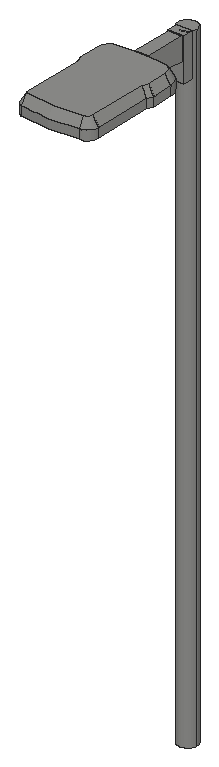
Revit family "VP-2-A_U", category Lighting Fixtures, host Face, Revit 2019
Family settings
  Host = Face
  Round Connector Dimension = Use Diameter
  Part Type = Normal
  OmniClass Number = 23.80.70.11.14.17
  OmniClass Title = Direct/Indirect
  Cut with Voids When Loaded = No
  Light Source = No
  Shared = Yes
  Room Calculation Point = No
Parameters (values of type "VP-2-A3U")
  Wattage Comments = "168 W"  # constant formula
  Warranty = "Five year warranty"  # constant formula
  Voltage = 120 V
  URL = "https://www.currentlighting.com/beacon"
  Type Comments = "Lighting Fixture"  # constant formula
  Product Page URL = "https://www.currentlighting.com/outdoor-lighting/viper-area-size-2/9606404"
  Product Documentation Link = "https://cdn.currentlighting.com/site/specsheet/BEA_VIPERSPEC.pdf"
  Pole Radius [instance] = Pole Diameter / 2  # 1.75"
  Power Factor = 0.9
  Pole Height [instance] = 120.00"
  Name = "Viper Area Size 2"  # constant formula
  Model = "VP-2-A3U"
  Matt Grey = MATT GREY
  Matt Black = Matt Black
  Manufacturer = "Current Lighting"  # constant formula
  Load Classification = Lighting
  Light Output = 12704.00 cd/m²
  Lamp = "LED"  # constant formula
  Grey = Grey
  Glass = Glass
  Pole Diameter [instance] = 3.50"
  Features = "Featuring two different optical technologies, Micro Strike and Strike Optics, which provide the best distribution patterns for retrofit or new construction\r\nVibration rated for high vibration applications including bridges and overpasses\r\nControl options including photo control, occupancy sensing, NX Lighting Controls, wiSCAPE and 7-Pin with networked controls\r\nMounting options include: Arm, Universal Arm, Adjustable Arm, Mast Arm, Decorative Arm, Knuckle, Trunnion, Wall\r\nDistribution options include: Auto Front Row, Type 2, Type 3, Type 4 Forward, Type 4 Wide, Type 5 Narrow, Type 5 Medium, Type 5 Wide, Type 5 Rectangular, Corner Optic, and Tennis Court\r\n\r\n"  # constant formula
  Copyright = "© 2022 Current Lighting"  # constant formula
  Cool Grey = Cool Grey
  Contact Us = "https://www.currentlighting.com/contact-us"
  Certification = "UL"  # constant formula
  Description = "The Viper is an extremely versatile area/site luminaire which blends design, performance, and technology for a variety of applications."  # constant formula
  Default Elevation = 48.00"
  Finish = Arctic White
  Matt White = Matt White
  CRI = "70"  # constant formula
  Brand = "Beacon"  # constant formula
  Assembly Code = "D5020200"
  Apparent Load = 168 VA  # constant formula
Reference planes (in)
  plane 1 "Center (Front/Back)": y = 6.16697
  plane 2: z = 0
  plane 3 "Center (Left/Right)": x = 0
  plane 4: z = 3.75
  plane 5: z = -4.44
  plane 6: x = -1.75
  plane 7: x = 1.75
  plane 8: y = 4.41697
  plane 9: y = 7.91697
  plane 10: z = 120
Forms (in)
  Extrusion 1, solid, material "Cool Grey" <- "Cool Grey"
    sketch origin (0, 0, 0) x (1, 0, 0) y (0, 1, 0)
      loop
        circle (0, 6.16697) r 1.75
    from 0 to 120
Lines and regions (in)
  reference lines
    curve 1: line (0, 14.42606, -3.25) -> (0, 17.42606, -0.25)
    curve 2: line (0, -2.09213, -3.25) -> (0, 14.42606, -3.25)
    curve 3: line (0, -5.09213, -0.25) -> (0, -2.09213, -3.25)
    curve 4: line (0, 14.42606, -3.25) -> (0, 17.42606, -0.25)
    curve 5: line (0, -5.09213, -0.25) -> (0, 17.42606, -0.25)
    curve 6: line (0, 17.17606, -0.77432) -> (0, 17.92606, -0.77432)
    curve 7: line (0, 17.17606, -1.52432) -> (0, 17.17606, -0.77432)
    curve 8: line (0, 16.69614, -1.52432) -> (0, 17.17606, -1.52432)
    curve 9: line (0, 14.92606, -4.25) -> (0, 16.69614, -1.52432)
    curve 10: line (0, -4.3622, -1.52432) -> (0, -2.59213, -4.25)
    curve 11: line (0, -4.84213, -1.52432) -> (0, -4.3622, -1.52432)
    curve 12: line (0, -4.84213, -0.77432) -> (0, -4.84213, -1.52432)
    curve 13: line (0, -5.59213, -0.77432) -> (0, -4.84213, -0.77432)
Dimensions and locks (in)
  plane 4 to plane 2 = 3.75"
  "Pole Diameter": plane 8 to plane 9
  equal spacing: plane 8, plane 1 "Center (Front/Back)", plane 9
  equal spacing: plane 6, plane 3 "Center (Left/Right)", plane 7
  "Pole Diameter": plane 6 to plane 7
  "Pole Height": plane 10 to plane 2
  "Pole Radius": radius of Extrusion 1 sketch curve
  aligned and locked: plane 2 to host face
  aligned and locked: level to host face
  aligned and locked: plane 10 to Extrusion 1
  aligned and locked: plane 3 "Center (Left/Right)" to nested 1
  aligned and locked: nested 1 to plane 10
Automatic sketch dimensions
  host sketch curve to host sketch curve = 96.00"
  host sketch curve to host sketch curve = 85.00"
  curve 3 to level = 0.25"
  plane 8 to curve 3 = 9.50909"
  curve 3 to curve 12 = 0.25"
  curve 11 to curve 11 = 0.47992"
  curve 2 to plane 5 = 1.19"
  curve 10 to curve 2 = 2.27008"
  curve 1 to plane 9 = 6.50909"
  curve 9 to level = 1.52432"
  curve 1 to curve 9 = 2.27008"
  curve 8 to curve 8 = 0.47992"
  curve 6 to curve 4 = 0.25"
  curve 10 to curve 3 = 1.27432"
  curve 7 to curve 1 = 0.52432"
  curve 12 to curve 3 = 0.52432"
  curve 13 to curve 3 = 0.50"
  curve 10 to plane 5 = 0.19"
  curve 10 to curve 2 = 0.50"
  curve 9 to plane 5 = 0.19"
  curve 1 to curve 9 = 0.50"
  curve 1 to curve 6 = 0.50"
  plane 1 "Center (Front/Back)" to Extrusion 1 sketch curve = 0.00"
  Extrusion 1 sketch curve to plane 3 "Center (Left/Right)" = 0.00"
Nested families (in)
  nested 1: "SIZE2-ASQU" at (0, 4.41697, 118.26) x (1, 0, 0) z (0, -1, 0), type "SIZE2-ASQU"
Connectors (in)
  electrical at (0, 6.16697, 0), driven by "Power Factor", driven by "Apparent Load", driven by "Voltage"
    settings: on Extrusion 1, index 1, voltage 120 V, apparent load 168 VA, apparent load phase1 0 VA, apparent load phase2 0 VA, apparent load phase3 0 VA, power factor 0.9, load classification "Other", number of poles 1, system type 30, power factor state 1, is connector primary yes, connector utility no, sub classification motor no, connector description "Light Fixture"
Definition of nested family "SIZE2-ASQU"
  Parameters (values of type "SIZE2-ASQU")
    Width = 14.38"
    Wattage = 168 W
    built-in parameter 1150110 = 1 (stored number, unit not read)
    built-in parameter 1114217 = 1 (stored number, unit not read)
    Tilt Angle = 160.00°
    built-in parameter 1150109 = 1 (stored number, unit not read)
    built-in parameter 1150134 = 3
    built-in parameter 1150113 = 1 (stored number, unit not read)
    Photometric Web File = "VP-2-320L-170-3K7-4-BC.ies"
    Mounting Block Width = 3.00"
    Mount Length = 8.25"
    built-in parameter 1150105 = 1016 (stored number, unit not read)
    Lumens = 12768 lm
    built-in parameter 1150115 = 1 (stored number, unit not read)
    built-in parameter 1150137 = (empty or 0)
    built-in parameter 1150139 = (empty or 0)
    Length = 21.88"
    built-in parameter 1150112 = 1 (stored number, unit not read)
    built-in parameter 1150114 = 1 (stored number, unit not read)
    built-in parameter 1150132 = (empty or 0)
    built-in parameter 1150102 = (empty or 0)
    built-in parameter 1150107 = 3200 (stored number, unit not read)
    built-in parameter 1150138 = (empty or 0)
    built-in parameter 1150106 = 10.16 (stored number, unit not read)
    Glass = none
    Fixture = none
    built-in parameter 1150104 = 7.0606 (stored number, unit not read)
    Dimming Lamp Color Temperature Shift = (empty or 0)
    Default Elevation = 48.00"
    Color Filter = 16777215
    built-in parameter 1114218 = 1 (stored number, unit not read)
    built-in parameter 1150133 = 10 (stored number, unit not read)
  Reference planes (in)
    plane 1 "Center (Front/Back)": y = 0
    plane 2: z = 0
    plane 3 "Center (Left/Right)": x = 0
    plane 4: x = 7.19
    plane 5: x = -7.19
    plane 6: z = 8.25
    plane 7: z = 30.13
    plane 8: y = -1.74
    plane 9: y = 1.74
    plane 10: x = 1.5
    plane 11: x = -1.5
  Forms (in)
    Extrusion 1, solid
      sketch origin (0, 0, 0) x (1, 0, 0) y (0, 1, 0)
        loop
          line (-48, 48) -> (-48, -48) -> (48, -48) -> (48, 48) -> (-48, 48)
      from 0 to -12
    Extrusion 2, solid, material <- "Fixture"
      sketch origin (0, 0, 3.25) x (1, 0, 0) y (0, 0, 1)
        loop
          line (-6.90972, 13.22202) -> (-7.315, 12.17799) -> (-7.315, 8.14521)
          arc (-7.315, 8.14521) -> (-6.65907, 6.18733) -> (-4.95604, 5.01974) r 3.25
          arc (-4.95604, 5.01974) -> (0, 4.60164) -> (4.95604, 5.01974) r 29.58274
          arc (4.95604, 5.01974) -> (6.65907, 6.18733) -> (7.315, 8.14521) r 3.25
          line (7.315, 8.14521) -> (7.315, 12.17799) -> (6.8775, 13.30502) -> (6.8775, 24.46879)
          arc (6.8775, 24.46879) -> (6.31653, 25.85775) -> (4.9483, 26.46754) r 2
          arc (4.9483, 26.46754) -> (-0.47287, 26.80918) -> (-5.88692, 26.36884) r 37.73107
          arc (-5.88692, 26.36884) -> (-6.62058, 25.93919) -> (-6.90972, 25.13966) r 1.25
          line (-6.90972, 25.13966) -> (-6.90972, 13.22202)
      from 0 to 1.74
    Extrusion 3, void
      sketch origin (0, 0, 4.375) x (1, 0, 0) y (0, 0, 1)
        loop
          line (-5.94707, 9.88637) -> (-5.94707, 8.88637)
          arc (-5.94707, 8.88637) -> (-0.00354, 7.88584) -> (5.94, 8.88637) r 18.15382
          line (5.94, 8.88637) -> (5.94, 9.88637)
          arc (5.94, 9.88637) -> (-0.00354, 8.88584) -> (-5.94707, 9.88637) r 18.15382
        loop
          line (-5.85535, 7.87828) -> (-5.85535, 7.60486)
          arc (-5.85535, 7.60486) -> (0.0002, 6.63584) -> (5.85535, 7.60727) r 18.15382
          line (5.85535, 7.60727) -> (5.85535, 7.88068)
          arc (5.85535, 7.88068) -> (0.0002, 6.91466) -> (-5.85535, 7.87828) r 18.25
        loop
          line (-5.85535, 7.12828) -> (-5.85535, 6.85486)
          arc (-5.85535, 6.85486) -> (0.0002, 5.88584) -> (5.85535, 6.85727) r 18.15382
          line (5.85535, 6.85727) -> (5.85535, 7.13068)
          arc (5.85535, 7.13068) -> (0.0002, 6.16466) -> (-5.85535, 7.12828) r 18.25
      from 1 to 1.75
    Blend 4, solid, material <- "Fixture"
      base sketch origin (0, 0, 3.25) x (1, 0, 0) y (0, 0, 1)
        loop
          arc (6.8775, 24.46879) -> (6.31653, 25.85775) -> (4.9483, 26.46754) r 2
          arc (4.9483, 26.46754) -> (-0.47287, 26.80918) -> (-5.88692, 26.36884) r 37.73107
          arc (-5.88692, 26.36884) -> (-6.62058, 25.93919) -> (-6.90972, 25.13966) r 1.25
          line (-6.90972, 25.13966) -> (-6.90972, 13.22202) -> (-7.315, 12.17799) -> (-7.315, 8.14521)
          arc (-7.315, 8.14521) -> (-6.65907, 6.18733) -> (-4.95604, 5.01974) r 3.25
          arc (-4.95604, 5.01974) -> (0, 4.60164) -> (4.95604, 5.01974) r 29.58274
          arc (4.95604, 5.01974) -> (6.65907, 6.18733) -> (7.315, 8.14521) r 3.25
          line (7.315, 8.14521) -> (7.315, 12.17799) -> (6.8775, 13.30502) -> (6.8775, 24.46879)
      top sketch origin (0, 0, 3.25) x (1, 0, 0) y (0, 0, 1)
        loop
          arc (5.8775, 24.46879) -> (5.58249, 25.17801) -> (4.87152, 25.46878) r 1
          arc (4.87152, 25.46878) -> (-0.42416, 25.80959) -> (-5.71369, 25.38377) r 36.73111
          arc (-5.71369, 25.38377) -> (-5.85465, 25.2962) -> (-5.90972, 25.13966) r 0.25
          line (-5.90972, 25.13966) -> (-5.90972, 13.03474) -> (-6.315, 11.99071) -> (-6.315, 8.14521)
          arc (-6.315, 8.14521) -> (-5.87115, 6.80345) -> (-4.71471, 5.99106) r 2.25
          arc (-4.71471, 5.99106) -> (0, 5.59956) -> (4.71471, 5.99106) r 28.58482
          arc (4.71471, 5.99106) -> (5.87115, 6.80345) -> (6.315, 8.14521) r 2.25
          line (6.315, 8.14521) -> (6.315, 11.99071) -> (5.8775, 13.11774) -> (5.8775, 24.46879)
      from 0 to -1.74
    Extrusion 5, void
      sketch origin (0, 0, 3.25) x (1, 0, 0) y (0, 0, 1)
        loop
          arc (-5.91108, 12.63948) -> (0.07704, 12.98149) -> (6.065, 12.63674) r 52.38328
          line (6.065, 12.63674) -> (6.065, 24.56182) -> (-5.91108, 24.56182) -> (-5.91108, 12.63948)
      from 1 to 1.75
    Extrusion 6, solid, material <- "Glass"
      sketch origin (0, 0, 3) x (1, 0, 0) y (0, 0, 1)
        loop
          arc (-5.06487, 24.56182) -> (-5.31236, 24.45931) -> (-5.41487, 24.21182) r 0.35
          line (-5.41487, 24.21182) -> (-5.41487, 19.16182)
          arc (-5.41487, 19.16182) -> (-5.31236, 18.91434) -> (-5.06487, 18.81182) r 0.35
          line (-5.06487, 18.81182) -> (5.11803, 18.81182)
          arc (5.11803, 18.81182) -> (5.36552, 18.91434) -> (5.46803, 19.16182) r 0.35
          line (5.46803, 19.16182) -> (5.46803, 24.21182)
          arc (5.46803, 24.21182) -> (5.36552, 24.45931) -> (5.11803, 24.56182) r 0.35
          line (5.11803, 24.56182) -> (-5.06487, 24.56182)
      from 1 to 1.35
    Extrusion 7, solid, material <- "Glass"
      sketch origin (0, 0, 3) x (1, 0, 0) y (0, 0, 1)
        loop
          circle (-4.85829, 23.73694) r 0.15
        loop
          circle (-4.33955, 23.73694) r 0.15
        loop
          circle (-3.8208, 23.73694) r 0.15
        loop
          circle (-3.30205, 23.73694) r 0.15
        loop
          circle (-2.7833, 23.73694) r 0.15
        loop
          circle (-2.26455, 23.73694) r 0.15
        loop
          circle (-1.7458, 23.73694) r 0.15
        loop
          circle (-1.22705, 23.73694) r 0.15
        loop
          circle (-0.70831, 23.73694) r 0.15
        loop
          circle (-4.85829, 23.23694) r 0.15
        loop
          circle (-4.33955, 23.23694) r 0.15
        loop
          circle (-3.8208, 23.23694) r 0.15
        loop
          circle (-3.30205, 23.23694) r 0.15
        loop
          circle (-2.7833, 23.23694) r 0.15
        loop
          circle (-2.26455, 23.23694) r 0.15
        loop
          circle (-1.7458, 23.23694) r 0.15
        loop
          circle (-1.22705, 23.23694) r 0.15
        loop
          circle (-0.70831, 23.23694) r 0.15
        loop
          circle (-4.85829, 22.73694) r 0.15
        loop
          circle (-4.33955, 22.73694) r 0.15
        loop
          circle (-3.8208, 22.73694) r 0.15
        loop
          circle (-3.30205, 22.73694) r 0.15
        loop
          circle (-2.7833, 22.73694) r 0.15
        loop
          circle (-2.26455, 22.73694) r 0.15
        loop
          circle (-1.7458, 22.73694) r 0.15
        loop
          circle (-1.22705, 22.73694) r 0.15
        loop
          circle (-0.70831, 22.73694) r 0.15
        loop
          circle (-4.85829, 22.23694) r 0.15
        loop
          circle (-4.33955, 22.23694) r 0.15
        loop
          circle (-3.8208, 22.23694) r 0.15
        loop
          circle (-3.30205, 22.23694) r 0.15
        loop
          circle (-2.7833, 22.23694) r 0.15
        loop
          circle (-2.26455, 22.23694) r 0.15
        loop
          circle (-1.7458, 22.23694) r 0.15
        loop
          circle (-1.22705, 22.23694) r 0.15
        loop
          circle (-0.70831, 22.23694) r 0.15
        loop
          circle (-4.85829, 21.73694) r 0.15
        loop
          circle (-4.33955, 21.73694) r 0.15
        loop
          circle (-3.8208, 21.73694) r 0.15
        loop
          circle (-3.30205, 21.73694) r 0.15
        loop
          circle (-2.7833, 21.73694) r 0.15
        loop
          circle (-2.26455, 21.73694) r 0.15
        loop
          circle (-1.7458, 21.73694) r 0.15
        loop
          circle (-1.22705, 21.73694) r 0.15
        loop
          circle (-0.70831, 21.73694) r 0.15
        loop
          circle (-4.85829, 21.23694) r 0.15
        loop
          circle (-4.33955, 21.23694) r 0.15
        loop
          circle (-3.8208, 21.23694) r 0.15
        loop
          circle (-3.30205, 21.23694) r 0.15
        loop
          circle (-2.7833, 21.23694) r 0.15
        loop
          circle (-2.26455, 21.23694) r 0.15
        loop
          circle (-1.7458, 21.23694) r 0.15
        loop
          circle (-1.22705, 21.23694) r 0.15
        loop
          circle (-0.70831, 21.23694) r 0.15
        loop
          circle (-4.85829, 20.73694) r 0.15
        loop
          circle (-4.33955, 20.73694) r 0.15
        loop
          circle (-3.8208, 20.73694) r 0.15
        loop
          circle (-3.30205, 20.73694) r 0.15
        loop
          circle (-2.7833, 20.73694) r 0.15
        loop
          circle (-2.26455, 20.73694) r 0.15
        loop
          circle (-1.7458, 20.73694) r 0.15
        loop
          circle (-1.22705, 20.73694) r 0.15
        loop
          circle (-0.70831, 20.73694) r 0.15
        loop
          circle (-4.85829, 20.23694) r 0.15
        loop
          circle (-4.33955, 20.23694) r 0.15
        loop
          circle (-3.8208, 20.23694) r 0.15
        loop
          circle (-3.30205, 20.23694) r 0.15
        loop
          circle (-2.7833, 20.23694) r 0.15
        loop
          circle (-2.26455, 20.23694) r 0.15
        loop
          circle (-1.7458, 20.23694) r 0.15
        loop
          circle (-1.22705, 20.23694) r 0.15
        loop
          circle (-0.70831, 20.23694) r 0.15
        loop
          circle (-4.85829, 19.73694) r 0.15
        loop
          circle (-4.33955, 19.73694) r 0.15
        loop
          circle (-3.8208, 19.73694) r 0.15
        loop
          circle (-3.30205, 19.73694) r 0.15
        loop
          circle (-2.7833, 19.73694) r 0.15
        loop
          circle (-2.26455, 19.73694) r 0.15
        loop
          circle (-1.7458, 19.73694) r 0.15
        loop
          circle (-1.22705, 19.73694) r 0.15
        loop
          circle (-0.70831, 19.73694) r 0.15
      from 1.35 to 1.4
    Extrusion 8, solid, material <- "Glass"
      sketch origin (0, 0, 3) x (-1, 0, 0) y (0, 0, -1)
        loop
          circle (-4.85829, -23.73694) r 0.15
        loop
          circle (-4.33955, -23.73694) r 0.15
        loop
          circle (-3.8208, -23.73694) r 0.15
        loop
          circle (-3.30205, -23.73694) r 0.15
        loop
          circle (-2.7833, -23.73694) r 0.15
        loop
          circle (-2.26455, -23.73694) r 0.15
        loop
          circle (-1.7458, -23.73694) r 0.15
        loop
          circle (-1.22705, -23.73694) r 0.15
        loop
          circle (-0.70831, -23.73694) r 0.15
        loop
          circle (-4.85829, -23.23694) r 0.15
        loop
          circle (-4.33955, -23.23694) r 0.15
        loop
          circle (-3.8208, -23.23694) r 0.15
        loop
          circle (-3.30205, -23.23694) r 0.15
        loop
          circle (-2.7833, -23.23694) r 0.15
        loop
          circle (-2.26455, -23.23694) r 0.15
        loop
          circle (-1.7458, -23.23694) r 0.15
        loop
          circle (-1.22705, -23.23694) r 0.15
        loop
          circle (-0.70831, -23.23694) r 0.15
        loop
          circle (-4.85829, -22.73694) r 0.15
        loop
          circle (-4.33955, -22.73694) r 0.15
        loop
          circle (-3.8208, -22.73694) r 0.15
        loop
          circle (-3.30205, -22.73694) r 0.15
        loop
          circle (-2.7833, -22.73694) r 0.15
        loop
          circle (-2.26455, -22.73694) r 0.15
        loop
          circle (-1.7458, -22.73694) r 0.15
        loop
          circle (-1.22705, -22.73694) r 0.15
        loop
          circle (-0.70831, -22.73694) r 0.15
        loop
          circle (-4.85829, -22.23694) r 0.15
        loop
          circle (-4.33955, -22.23694) r 0.15
        loop
          circle (-3.8208, -22.23694) r 0.15
        loop
          circle (-3.30205, -22.23694) r 0.15
        loop
          circle (-2.7833, -22.23694) r 0.15
        loop
          circle (-2.26455, -22.23694) r 0.15
        loop
          circle (-1.7458, -22.23694) r 0.15
        loop
          circle (-1.22705, -22.23694) r 0.15
        loop
          circle (-0.70831, -22.23694) r 0.15
        loop
          circle (-4.85829, -21.73694) r 0.15
        loop
          circle (-4.33955, -21.73694) r 0.15
        loop
          circle (-3.8208, -21.73694) r 0.15
        loop
          circle (-3.30205, -21.73694) r 0.15
        loop
          circle (-2.7833, -21.73694) r 0.15
        loop
          circle (-2.26455, -21.73694) r 0.15
        loop
          circle (-1.7458, -21.73694) r 0.15
        loop
          circle (-1.22705, -21.73694) r 0.15
        loop
          circle (-0.70831, -21.73694) r 0.15
        loop
          circle (-4.85829, -21.23694) r 0.15
        loop
          circle (-4.33955, -21.23694) r 0.15
        loop
          circle (-3.8208, -21.23694) r 0.15
        loop
          circle (-3.30205, -21.23694) r 0.15
        loop
          circle (-2.7833, -21.23694) r 0.15
        loop
          circle (-2.26455, -21.23694) r 0.15
        loop
          circle (-1.7458, -21.23694) r 0.15
        loop
          circle (-1.22705, -21.23694) r 0.15
        loop
          circle (-0.70831, -21.23694) r 0.15
        loop
          circle (-4.85829, -20.73694) r 0.15
        loop
          circle (-4.33955, -20.73694) r 0.15
        loop
          circle (-3.8208, -20.73694) r 0.15
        loop
          circle (-3.30205, -20.73694) r 0.15
        loop
          circle (-2.7833, -20.73694) r 0.15
        loop
          circle (-2.26455, -20.73694) r 0.15
        loop
          circle (-1.7458, -20.73694) r 0.15
        loop
          circle (-1.22705, -20.73694) r 0.15
        loop
          circle (-0.70831, -20.73694) r 0.15
        loop
          circle (-4.85829, -20.23694) r 0.15
        loop
          circle (-4.33955, -20.23694) r 0.15
        loop
          circle (-3.8208, -20.23694) r 0.15
        loop
          circle (-3.30205, -20.23694) r 0.15
        loop
          circle (-2.7833, -20.23694) r 0.15
        loop
          circle (-2.26455, -20.23694) r 0.15
        loop
          circle (-1.7458, -20.23694) r 0.15
        loop
          circle (-1.22705, -20.23694) r 0.15
        loop
          circle (-0.70831, -20.23694) r 0.15
        loop
          circle (-4.85829, -19.73694) r 0.15
        loop
          circle (-4.33955, -19.73694) r 0.15
        loop
          circle (-3.8208, -19.73694) r 0.15
        loop
          circle (-3.30205, -19.73694) r 0.15
        loop
          circle (-2.7833, -19.73694) r 0.15
        loop
          circle (-2.26455, -19.73694) r 0.15
        loop
          circle (-1.7458, -19.73694) r 0.15
        loop
          circle (-1.22705, -19.73694) r 0.15
        loop
          circle (-0.70831, -19.73694) r 0.15
      from 1.35 to 1.4
    Extrusion 9, solid, material <- "Glass"
      sketch origin (0, 0, 3) x (1, 0, 0) y (0, 0, 1)
        loop
          arc (-5.04655, 24.2409) -> (-5.22333, 24.16768) -> (-5.29655, 23.9909) r 0.25
          line (-5.29655, 23.9909) -> (-5.29655, 19.4909)
          arc (-5.29655, 19.4909) -> (-5.22333, 19.31412) -> (-5.04655, 19.2409) r 0.25
          line (-5.04655, 19.2409) -> (-0.54655, 19.2409)
          arc (-0.54655, 19.2409) -> (-0.36977, 19.31412) -> (-0.29655, 19.4909) r 0.25
          line (-0.29655, 19.4909) -> (-0.29655, 23.9909)
          arc (-0.29655, 23.9909) -> (-0.36977, 24.16768) -> (-0.54655, 24.2409) r 0.25
          line (-0.54655, 24.2409) -> (-5.04655, 24.2409)
      from 1.35 to 1.37213
    Extrusion 10, solid, material <- "Glass"
      sketch origin (0, 0, 3) x (-1, 0, 0) y (0, 0, -1)
        loop
          line (-5.04655, -24.2409) -> (-0.54655, -24.2409)
          arc (-0.54655, -24.2409) -> (-0.36977, -24.16768) -> (-0.29655, -23.9909) r 0.25
          line (-0.29655, -23.9909) -> (-0.29655, -19.4909)
          arc (-0.29655, -19.4909) -> (-0.36977, -19.31412) -> (-0.54655, -19.2409) r 0.25
          line (-0.54655, -19.2409) -> (-5.04655, -19.2409)
          arc (-5.04655, -19.2409) -> (-5.22333, -19.31412) -> (-5.29655, -19.4909) r 0.25
          line (-5.29655, -19.4909) -> (-5.29655, -23.9909)
          arc (-5.29655, -23.9909) -> (-5.22333, -24.16768) -> (-5.04655, -24.2409) r 0.25
      from 1.35 to 1.37213
    Extrusion 11, solid, material <- "Fixture"
      sketch origin (0.125, 0, 2.875) x (1, 0, 0) y (0, 1, 0)
        loop
          line (5.34818, -1) -> (5.34818, -1.20146)
          arc (5.34818, -1.20146) -> (5.35492, -1.23973) -> (5.37436, -1.27339) r 0.1119
          line (5.37436, -1.27339) -> (5.73492, -1.70309)
          arc (5.73492, -1.70309) -> (5.76289, -1.72455) -> (5.79732, -1.73219) r 0.08147
          line (5.79732, -1.73219) -> (5.94, -1.73219) -> (5.94, -1) -> (5.34818, -1)
      from 18.55 to 18.65
    Extrusion 12, solid, material <- "Fixture"
      sketch origin (0.125, 0, 1.97261) x (1, 0, 0) y (0, 1, 0)
        loop
          line (5.34818, -1) -> (5.34818, -1.20146)
          arc (5.34818, -1.20146) -> (5.35492, -1.23973) -> (5.37436, -1.27339) r 0.1119
          line (5.37436, -1.27339) -> (5.73492, -1.70309)
          arc (5.73492, -1.70309) -> (5.76289, -1.72455) -> (5.79732, -1.73219) r 0.08147
          line (5.79732, -1.73219) -> (5.94, -1.73219) -> (5.94, -1) -> (5.34818, -1)
      from 18.55 to 18.65
    Extrusion 13, solid, material <- "Fixture"
      sketch origin (0.125, 0, 1.08079) x (1, 0, 0) y (0, 1, 0)
        loop
          line (5.34818, -1) -> (5.34818, -1.20146)
          arc (5.34818, -1.20146) -> (5.35492, -1.23973) -> (5.37436, -1.27339) r 0.1119
          line (5.37436, -1.27339) -> (5.73492, -1.70309)
          arc (5.73492, -1.70309) -> (5.76289, -1.72455) -> (5.79732, -1.73219) r 0.08147
          line (5.79732, -1.73219) -> (5.94, -1.73219) -> (5.94, -1) -> (5.34818, -1)
      from 18.55 to 18.65
    Extrusion 14, solid, material <- "Fixture"
      sketch origin (0.125, 0, 0.18897) x (1, 0, 0) y (0, 1, 0)
        loop
          line (5.34818, -1) -> (5.34818, -1.20146)
          arc (5.34818, -1.20146) -> (5.35492, -1.23973) -> (5.37436, -1.27339) r 0.1119
          line (5.37436, -1.27339) -> (5.73492, -1.70309)
          arc (5.73492, -1.70309) -> (5.76289, -1.72455) -> (5.79732, -1.73219) r 0.08147
          line (5.79732, -1.73219) -> (5.94, -1.73219) -> (5.94, -1) -> (5.34818, -1)
      from 18.55 to 18.65
    Extrusion 15, solid, material <- "Fixture"
      sketch origin (0.125, 0, -0.70181) x (1, 0, 0) y (0, 1, 0)
        loop
          line (5.34818, -1) -> (5.34818, -1.20146)
          arc (5.34818, -1.20146) -> (5.35492, -1.23973) -> (5.37436, -1.27339) r 0.1119
          line (5.37436, -1.27339) -> (5.73492, -1.70309)
          arc (5.73492, -1.70309) -> (5.76289, -1.72455) -> (5.79732, -1.73219) r 0.08147
          line (5.79732, -1.73219) -> (5.94, -1.73219) -> (5.94, -1) -> (5.34818, -1)
      from 18.55 to 18.65
    Extrusion 16, solid, material <- "Fixture"
      sketch origin (-0.125, 0, 2.875) x (-1, 0, 0) y (0, -1, 0)
        loop
          line (5.34818, 1) -> (5.94, 1) -> (5.94, 1.73219) -> (5.79732, 1.73219)
          arc (5.79732, 1.73219) -> (5.76289, 1.72455) -> (5.73492, 1.70309) r 0.08147
          line (5.73492, 1.70309) -> (5.37436, 1.27339)
          arc (5.37436, 1.27339) -> (5.35492, 1.23973) -> (5.34818, 1.20146) r 0.1119
          line (5.34818, 1.20146) -> (5.34818, 1)
      from 18.55 to 18.65
    Extrusion 17, solid, material <- "Fixture"
      sketch origin (-0.125, 0, 1.97261) x (-1, 0, 0) y (0, -1, 0)
        loop
          line (5.34818, 1) -> (5.94, 1) -> (5.94, 1.73219) -> (5.79732, 1.73219)
          arc (5.79732, 1.73219) -> (5.76289, 1.72455) -> (5.73492, 1.70309) r 0.08147
          line (5.73492, 1.70309) -> (5.37436, 1.27339)
          arc (5.37436, 1.27339) -> (5.35492, 1.23973) -> (5.34818, 1.20146) r 0.1119
          line (5.34818, 1.20146) -> (5.34818, 1)
      from 18.55 to 18.65
    Extrusion 18, solid, material <- "Fixture"
      sketch origin (-0.125, 0, 1.08079) x (-1, 0, 0) y (0, -1, 0)
        loop
          line (5.34818, 1) -> (5.94, 1) -> (5.94, 1.73219) -> (5.79732, 1.73219)
          arc (5.79732, 1.73219) -> (5.76289, 1.72455) -> (5.73492, 1.70309) r 0.08147
          line (5.73492, 1.70309) -> (5.37436, 1.27339)
          arc (5.37436, 1.27339) -> (5.35492, 1.23973) -> (5.34818, 1.20146) r 0.1119
          line (5.34818, 1.20146) -> (5.34818, 1)
      from 18.55 to 18.65
    Extrusion 19, solid, material <- "Fixture"
      sketch origin (-0.125, 0, 0.18897) x (-1, 0, 0) y (0, -1, 0)
        loop
          line (5.34818, 1) -> (5.94, 1) -> (5.94, 1.73219) -> (5.79732, 1.73219)
          arc (5.79732, 1.73219) -> (5.76289, 1.72455) -> (5.73492, 1.70309) r 0.08147
          line (5.73492, 1.70309) -> (5.37436, 1.27339)
          arc (5.37436, 1.27339) -> (5.35492, 1.23973) -> (5.34818, 1.20146) r 0.1119
          line (5.34818, 1.20146) -> (5.34818, 1)
      from 18.55 to 18.65
    Extrusion 20, solid, material <- "Fixture"
      sketch origin (-0.125, 0, -0.70181) x (-1, 0, 0) y (0, -1, 0)
        loop
          line (5.34818, 1) -> (5.94, 1) -> (5.94, 1.73219) -> (5.79732, 1.73219)
          arc (5.79732, 1.73219) -> (5.76289, 1.72455) -> (5.73492, 1.70309) r 0.08147
          line (5.73492, 1.70309) -> (5.37436, 1.27339)
          arc (5.37436, 1.27339) -> (5.35492, 1.23973) -> (5.34818, 1.20146) r 0.1119
          line (5.34818, 1.20146) -> (5.34818, 1)
      from 18.55 to 18.65
    Extrusion 21, solid, material <- "Fixture"
      sketch origin (0.125, 0, 8) x (1, 0, 0) y (0, 1, 0)
        loop
          line (5.34818, -1) -> (5.34818, -1.20146)
          arc (5.34818, -1.20146) -> (5.35492, -1.23973) -> (5.37436, -1.27339) r 0.1119
          line (5.37436, -1.27339) -> (5.73492, -1.70309)
          arc (5.73492, -1.70309) -> (5.76289, -1.72455) -> (5.79732, -1.73219) r 0.08147
          line (5.79732, -1.73219) -> (5.94, -1.73219) -> (5.94, -1) -> (5.34818, -1)
      from 18.55 to 18.65
    Extrusion 22, solid, material <- "Fixture"
      sketch origin (0.125, 0, 7.09761) x (1, 0, 0) y (0, 1, 0)
        loop
          line (5.34818, -1) -> (5.34818, -1.20146)
          arc (5.34818, -1.20146) -> (5.35492, -1.23973) -> (5.37436, -1.27339) r 0.1119
          line (5.37436, -1.27339) -> (5.73492, -1.70309)
          arc (5.73492, -1.70309) -> (5.76289, -1.72455) -> (5.79732, -1.73219) r 0.08147
          line (5.79732, -1.73219) -> (5.94, -1.73219) -> (5.94, -1) -> (5.34818, -1)
      from 18.55 to 18.65
    Extrusion 23, solid, material <- "Fixture"
      sketch origin (0.125, 0, 6.20579) x (1, 0, 0) y (0, 1, 0)
        loop
          line (5.34818, -1) -> (5.34818, -1.20146)
          arc (5.34818, -1.20146) -> (5.35492, -1.23973) -> (5.37436, -1.27339) r 0.1119
          line (5.37436, -1.27339) -> (5.73492, -1.70309)
          arc (5.73492, -1.70309) -> (5.76289, -1.72455) -> (5.79732, -1.73219) r 0.08147
          line (5.79732, -1.73219) -> (5.94, -1.73219) -> (5.94, -1) -> (5.34818, -1)
      from 18.55 to 18.65
    Extrusion 24, solid, material <- "Fixture"
      sketch origin (0.125, 0, 5.31397) x (1, 0, 0) y (0, 1, 0)
        loop
          line (5.34818, -1) -> (5.34818, -1.20146)
          arc (5.34818, -1.20146) -> (5.35492, -1.23973) -> (5.37436, -1.27339) r 0.1119
          line (5.37436, -1.27339) -> (5.73492, -1.70309)
          arc (5.73492, -1.70309) -> (5.76289, -1.72455) -> (5.79732, -1.73219) r 0.08147
          line (5.79732, -1.73219) -> (5.94, -1.73219) -> (5.94, -1) -> (5.34818, -1)
      from 18.55 to 18.65
    Extrusion 25, solid, material <- "Fixture"
      sketch origin (0.125, 0, 4.42319) x (1, 0, 0) y (0, 1, 0)
        loop
          line (5.34818, -1) -> (5.34818, -1.20146)
          arc (5.34818, -1.20146) -> (5.35492, -1.23973) -> (5.37436, -1.27339) r 0.1119
          line (5.37436, -1.27339) -> (5.73492, -1.70309)
          arc (5.73492, -1.70309) -> (5.76289, -1.72455) -> (5.79732, -1.73219) r 0.08147
          line (5.79732, -1.73219) -> (5.94, -1.73219) -> (5.94, -1) -> (5.34818, -1)
      from 18.55 to 18.65
    Extrusion 26, solid, material <- "Fixture"
      sketch origin (-0.125, 0, 8) x (-1, 0, 0) y (0, -1, 0)
        loop
          line (5.34818, 1) -> (5.94, 1) -> (5.94, 1.73219) -> (5.79732, 1.73219)
          arc (5.79732, 1.73219) -> (5.76289, 1.72455) -> (5.73492, 1.70309) r 0.08147
          line (5.73492, 1.70309) -> (5.37436, 1.27339)
          arc (5.37436, 1.27339) -> (5.35492, 1.23973) -> (5.34818, 1.20146) r 0.1119
          line (5.34818, 1.20146) -> (5.34818, 1)
      from 18.55 to 18.65
    Extrusion 27, solid, material <- "Fixture"
      sketch origin (-0.125, 0, 7.09761) x (-1, 0, 0) y (0, -1, 0)
        loop
          line (5.34818, 1) -> (5.94, 1) -> (5.94, 1.73219) -> (5.79732, 1.73219)
          arc (5.79732, 1.73219) -> (5.76289, 1.72455) -> (5.73492, 1.70309) r 0.08147
          line (5.73492, 1.70309) -> (5.37436, 1.27339)
          arc (5.37436, 1.27339) -> (5.35492, 1.23973) -> (5.34818, 1.20146) r 0.1119
          line (5.34818, 1.20146) -> (5.34818, 1)
      from 18.55 to 18.65
    Extrusion 28, solid, material <- "Fixture"
      sketch origin (-0.125, 0, 6.20579) x (-1, 0, 0) y (0, -1, 0)
        loop
          line (5.34818, 1) -> (5.94, 1) -> (5.94, 1.73219) -> (5.79732, 1.73219)
          arc (5.79732, 1.73219) -> (5.76289, 1.72455) -> (5.73492, 1.70309) r 0.08147
          line (5.73492, 1.70309) -> (5.37436, 1.27339)
          arc (5.37436, 1.27339) -> (5.35492, 1.23973) -> (5.34818, 1.20146) r 0.1119
          line (5.34818, 1.20146) -> (5.34818, 1)
      from 18.55 to 18.65
    Extrusion 29, solid, material <- "Fixture"
      sketch origin (-0.125, 0, 5.31397) x (-1, 0, 0) y (0, -1, 0)
        loop
          line (5.34818, 1) -> (5.94, 1) -> (5.94, 1.73219) -> (5.79732, 1.73219)
          arc (5.79732, 1.73219) -> (5.76289, 1.72455) -> (5.73492, 1.70309) r 0.08147
          line (5.73492, 1.70309) -> (5.37436, 1.27339)
          arc (5.37436, 1.27339) -> (5.35492, 1.23973) -> (5.34818, 1.20146) r 0.1119
          line (5.34818, 1.20146) -> (5.34818, 1)
      from 18.55 to 18.65
    Extrusion 30, solid, material <- "Fixture"
      sketch origin (-0.125, 0, 4.42319) x (-1, 0, 0) y (0, -1, 0)
        loop
          line (5.34818, 1) -> (5.94, 1) -> (5.94, 1.73219) -> (5.79732, 1.73219)
          arc (5.79732, 1.73219) -> (5.76289, 1.72455) -> (5.73492, 1.70309) r 0.08147
          line (5.73492, 1.70309) -> (5.37436, 1.27339)
          arc (5.37436, 1.27339) -> (5.35492, 1.23973) -> (5.34818, 1.20146) r 0.1119
          line (5.34818, 1.20146) -> (5.34818, 1)
      from 18.55 to 18.65
    Extrusion 31, solid, material <- "Glass"
      sketch origin (0, 0, -2.75) x (1, 0, 0) y (0, 0, 1)
        loop
          arc (-5.06487, 24.56182) -> (-5.31236, 24.45931) -> (-5.41487, 24.21182) r 0.35
          line (-5.41487, 24.21182) -> (-5.41487, 19.16182)
          arc (-5.41487, 19.16182) -> (-5.31236, 18.91434) -> (-5.06487, 18.81182) r 0.35
          line (-5.06487, 18.81182) -> (5.11803, 18.81182)
          arc (5.11803, 18.81182) -> (5.36552, 18.91434) -> (5.46803, 19.16182) r 0.35
          line (5.46803, 19.16182) -> (5.46803, 24.21182)
          arc (5.46803, 24.21182) -> (5.36552, 24.45931) -> (5.11803, 24.56182) r 0.35
          line (5.11803, 24.56182) -> (-5.06487, 24.56182)
      from 1 to 1.35
    Extrusion 32, solid, material <- "Glass"
      sketch origin (0, 0, -2.75) x (1, 0, 0) y (0, 0, 1)
        loop
          circle (-4.85829, 23.73694) r 0.15
        loop
          circle (-4.33955, 23.73694) r 0.15
        loop
          circle (-3.8208, 23.73694) r 0.15
        loop
          circle (-3.30205, 23.73694) r 0.15
        loop
          circle (-2.7833, 23.73694) r 0.15
        loop
          circle (-2.26455, 23.73694) r 0.15
        loop
          circle (-1.7458, 23.73694) r 0.15
        loop
          circle (-1.22705, 23.73694) r 0.15
        loop
          circle (-0.70831, 23.73694) r 0.15
        loop
          circle (-4.85829, 23.23694) r 0.15
        loop
          circle (-4.33955, 23.23694) r 0.15
        loop
          circle (-3.8208, 23.23694) r 0.15
        loop
          circle (-3.30205, 23.23694) r 0.15
        loop
          circle (-2.7833, 23.23694) r 0.15
        loop
          circle (-2.26455, 23.23694) r 0.15
        loop
          circle (-1.7458, 23.23694) r 0.15
        loop
          circle (-1.22705, 23.23694) r 0.15
        loop
          circle (-0.70831, 23.23694) r 0.15
        loop
          circle (-4.85829, 22.73694) r 0.15
        loop
          circle (-4.33955, 22.73694) r 0.15
        loop
          circle (-3.8208, 22.73694) r 0.15
        loop
          circle (-3.30205, 22.73694) r 0.15
        loop
          circle (-2.7833, 22.73694) r 0.15
        loop
          circle (-2.26455, 22.73694) r 0.15
        loop
          circle (-1.7458, 22.73694) r 0.15
        loop
          circle (-1.22705, 22.73694) r 0.15
        loop
          circle (-0.70831, 22.73694) r 0.15
        loop
          circle (-4.85829, 22.23694) r 0.15
        loop
          circle (-4.33955, 22.23694) r 0.15
        loop
          circle (-3.8208, 22.23694) r 0.15
        loop
          circle (-3.30205, 22.23694) r 0.15
        loop
          circle (-2.7833, 22.23694) r 0.15
        loop
          circle (-2.26455, 22.23694) r 0.15
        loop
          circle (-1.7458, 22.23694) r 0.15
        loop
          circle (-1.22705, 22.23694) r 0.15
        loop
          circle (-0.70831, 22.23694) r 0.15
        loop
          circle (-4.85829, 21.73694) r 0.15
        loop
          circle (-4.33955, 21.73694) r 0.15
        loop
          circle (-3.8208, 21.73694) r 0.15
        loop
          circle (-3.30205, 21.73694) r 0.15
        loop
          circle (-2.7833, 21.73694) r 0.15
        loop
          circle (-2.26455, 21.73694) r 0.15
        loop
          circle (-1.7458, 21.73694) r 0.15
        loop
          circle (-1.22705, 21.73694) r 0.15
        loop
          circle (-0.70831, 21.73694) r 0.15
        loop
          circle (-4.85829, 21.23694) r 0.15
        loop
          circle (-4.33955, 21.23694) r 0.15
        loop
          circle (-3.8208, 21.23694) r 0.15
        loop
          circle (-3.30205, 21.23694) r 0.15
        loop
          circle (-2.7833, 21.23694) r 0.15
        loop
          circle (-2.26455, 21.23694) r 0.15
        loop
          circle (-1.7458, 21.23694) r 0.15
        loop
          circle (-1.22705, 21.23694) r 0.15
        loop
          circle (-0.70831, 21.23694) r 0.15
        loop
          circle (-4.85829, 20.73694) r 0.15
        loop
          circle (-4.33955, 20.73694) r 0.15
        loop
          circle (-3.8208, 20.73694) r 0.15
        loop
          circle (-3.30205, 20.73694) r 0.15
        loop
          circle (-2.7833, 20.73694) r 0.15
        loop
          circle (-2.26455, 20.73694) r 0.15
        loop
          circle (-1.7458, 20.73694) r 0.15
        loop
          circle (-1.22705, 20.73694) r 0.15
        loop
          circle (-0.70831, 20.73694) r 0.15
        loop
          circle (-4.85829, 20.23694) r 0.15
        loop
          circle (-4.33955, 20.23694) r 0.15
        loop
          circle (-3.8208, 20.23694) r 0.15
        loop
          circle (-3.30205, 20.23694) r 0.15
        loop
          circle (-2.7833, 20.23694) r 0.15
        loop
          circle (-2.26455, 20.23694) r 0.15
        loop
          circle (-1.7458, 20.23694) r 0.15
        loop
          circle (-1.22705, 20.23694) r 0.15
        loop
          circle (-0.70831, 20.23694) r 0.15
        loop
          circle (-4.85829, 19.73694) r 0.15
        loop
          circle (-4.33955, 19.73694) r 0.15
        loop
          circle (-3.8208, 19.73694) r 0.15
        loop
          circle (-3.30205, 19.73694) r 0.15
        loop
          circle (-2.7833, 19.73694) r 0.15
        loop
          circle (-2.26455, 19.73694) r 0.15
        loop
          circle (-1.7458, 19.73694) r 0.15
        loop
          circle (-1.22705, 19.73694) r 0.15
        loop
          circle (-0.70831, 19.73694) r 0.15
      from 1.35 to 1.4
    Extrusion 33, solid, material <- "Glass"
      sketch origin (0, 0, -2.75) x (-1, 0, 0) y (0, 0, -1)
        loop
          circle (-4.85829, -23.73694) r 0.15
        loop
          circle (-4.33955, -23.73694) r 0.15
        loop
          circle (-3.8208, -23.73694) r 0.15
        loop
          circle (-3.30205, -23.73694) r 0.15
        loop
          circle (-2.7833, -23.73694) r 0.15
        loop
          circle (-2.26455, -23.73694) r 0.15
        loop
          circle (-1.7458, -23.73694) r 0.15
        loop
          circle (-1.22705, -23.73694) r 0.15
        loop
          circle (-0.70831, -23.73694) r 0.15
        loop
          circle (-4.85829, -23.23694) r 0.15
        loop
          circle (-4.33955, -23.23694) r 0.15
        loop
          circle (-3.8208, -23.23694) r 0.15
        loop
          circle (-3.30205, -23.23694) r 0.15
        loop
          circle (-2.7833, -23.23694) r 0.15
        loop
          circle (-2.26455, -23.23694) r 0.15
        loop
          circle (-1.7458, -23.23694) r 0.15
        loop
          circle (-1.22705, -23.23694) r 0.15
        loop
          circle (-0.70831, -23.23694) r 0.15
        loop
          circle (-4.85829, -22.73694) r 0.15
        loop
          circle (-4.33955, -22.73694) r 0.15
        loop
          circle (-3.8208, -22.73694) r 0.15
        loop
          circle (-3.30205, -22.73694) r 0.15
        loop
          circle (-2.7833, -22.73694) r 0.15
        loop
          circle (-2.26455, -22.73694) r 0.15
        loop
          circle (-1.7458, -22.73694) r 0.15
        loop
          circle (-1.22705, -22.73694) r 0.15
        loop
          circle (-0.70831, -22.73694) r 0.15
        loop
          circle (-4.85829, -22.23694) r 0.15
        loop
          circle (-4.33955, -22.23694) r 0.15
        loop
          circle (-3.8208, -22.23694) r 0.15
        loop
          circle (-3.30205, -22.23694) r 0.15
        loop
          circle (-2.7833, -22.23694) r 0.15
        loop
          circle (-2.26455, -22.23694) r 0.15
        loop
          circle (-1.7458, -22.23694) r 0.15
        loop
          circle (-1.22705, -22.23694) r 0.15
        loop
          circle (-0.70831, -22.23694) r 0.15
        loop
          circle (-4.85829, -21.73694) r 0.15
        loop
          circle (-4.33955, -21.73694) r 0.15
        loop
          circle (-3.8208, -21.73694) r 0.15
        loop
          circle (-3.30205, -21.73694) r 0.15
        loop
          circle (-2.7833, -21.73694) r 0.15
        loop
          circle (-2.26455, -21.73694) r 0.15
        loop
          circle (-1.7458, -21.73694) r 0.15
        loop
          circle (-1.22705, -21.73694) r 0.15
        loop
          circle (-0.70831, -21.73694) r 0.15
        loop
          circle (-4.85829, -21.23694) r 0.15
        loop
          circle (-4.33955, -21.23694) r 0.15
        loop
          circle (-3.8208, -21.23694) r 0.15
        loop
          circle (-3.30205, -21.23694) r 0.15
        loop
          circle (-2.7833, -21.23694) r 0.15
        loop
          circle (-2.26455, -21.23694) r 0.15
        loop
          circle (-1.7458, -21.23694) r 0.15
        loop
          circle (-1.22705, -21.23694) r 0.15
        loop
          circle (-0.70831, -21.23694) r 0.15
        loop
          circle (-4.85829, -20.73694) r 0.15
        loop
          circle (-4.33955, -20.73694) r 0.15
        loop
          circle (-3.8208, -20.73694) r 0.15
        loop
          circle (-3.30205, -20.73694) r 0.15
        loop
          circle (-2.7833, -20.73694) r 0.15
        loop
          circle (-2.26455, -20.73694) r 0.15
        loop
          circle (-1.7458, -20.73694) r 0.15
        loop
          circle (-1.22705, -20.73694) r 0.15
        loop
          circle (-0.70831, -20.73694) r 0.15
        loop
          circle (-4.85829, -20.23694) r 0.15
        loop
          circle (-4.33955, -20.23694) r 0.15
        loop
          circle (-3.8208, -20.23694) r 0.15
        loop
          circle (-3.30205, -20.23694) r 0.15
        loop
          circle (-2.7833, -20.23694) r 0.15
        loop
          circle (-2.26455, -20.23694) r 0.15
        loop
          circle (-1.7458, -20.23694) r 0.15
        loop
          circle (-1.22705, -20.23694) r 0.15
        loop
          circle (-0.70831, -20.23694) r 0.15
        loop
          circle (-4.85829, -19.73694) r 0.15
        loop
          circle (-4.33955, -19.73694) r 0.15
        loop
          circle (-3.8208, -19.73694) r 0.15
        loop
          circle (-3.30205, -19.73694) r 0.15
        loop
          circle (-2.7833, -19.73694) r 0.15
        loop
          circle (-2.26455, -19.73694) r 0.15
        loop
          circle (-1.7458, -19.73694) r 0.15
        loop
          circle (-1.22705, -19.73694) r 0.15
        loop
          circle (-0.70831, -19.73694) r 0.15
      from 1.35 to 1.4
    Extrusion 34, solid, material <- "Glass"
      sketch origin (0, 0, -2.75) x (1, 0, 0) y (0, 0, 1)
        loop
          arc (-5.04655, 24.2409) -> (-5.22333, 24.16768) -> (-5.29655, 23.9909) r 0.25
          line (-5.29655, 23.9909) -> (-5.29655, 19.4909)
          arc (-5.29655, 19.4909) -> (-5.22333, 19.31412) -> (-5.04655, 19.2409) r 0.25
          line (-5.04655, 19.2409) -> (-0.54655, 19.2409)
          arc (-0.54655, 19.2409) -> (-0.36977, 19.31412) -> (-0.29655, 19.4909) r 0.25
          line (-0.29655, 19.4909) -> (-0.29655, 23.9909)
          arc (-0.29655, 23.9909) -> (-0.36977, 24.16768) -> (-0.54655, 24.2409) r 0.25
          line (-0.54655, 24.2409) -> (-5.04655, 24.2409)
      from 1.35 to 1.37213
    Extrusion 35, solid, material <- "Glass"
      sketch origin (0, 0, -2.75) x (-1, 0, 0) y (0, 0, -1)
        loop
          line (-5.04655, -24.2409) -> (-0.54655, -24.2409)
          arc (-0.54655, -24.2409) -> (-0.36977, -24.16768) -> (-0.29655, -23.9909) r 0.25
          line (-0.29655, -23.9909) -> (-0.29655, -19.4909)
          arc (-0.29655, -19.4909) -> (-0.36977, -19.31412) -> (-0.54655, -19.2409) r 0.25
          line (-0.54655, -19.2409) -> (-5.04655, -19.2409)
          arc (-5.04655, -19.2409) -> (-5.22333, -19.31412) -> (-5.29655, -19.4909) r 0.25
          line (-5.29655, -19.4909) -> (-5.29655, -23.9909)
          arc (-5.29655, -23.9909) -> (-5.22333, -24.16768) -> (-5.04655, -24.2409) r 0.25
      from 1.35 to 1.37213
    Extrusion 36, solid, material <- "Fixture"
      sketch origin (-0.00933, 0, -0.00651) x (0, 1, 0) y (0, 0, 1)
        loop
          line (1.74, 8.93918) -> (-1.6273, 8.93918) -> (-2.56565, 1.12478) -> (1.74, 1.12478) -> (1.74, 8.93918)
      from -1.24 to 1.24
    Extrusion 37, solid, material <- "Fixture"
      sketch origin (-0.00933, -0.8125, -0.00651) x (1, 0, 0) y (0, 1, 0)
        loop
          line (-1.49067, 2.568) -> (-1.49067, -5.432) -> (1.50933, -5.432) -> (1.50933, 2.568) -> (-1.49067, 2.568)
      from -0.9642 to 1.12478
  Cuts and joins
    Extrusion 3, Extrusion 5 cuts Extrusion 2
    Extrusion 5 cuts Blend 4
    joined: Extrusion 2, Blend 4
  Dimensions and locks (in)
    equal spacing: plane 4, plane 3 "Center (Left/Right)", plane 5
    "Width": plane 4 to plane 5
    "Length": plane 7 to plane 6
    "Mount Length": plane 6 to plane 2
    equal spacing: plane 10, plane 3 "Center (Left/Right)", plane 11
    "Mounting Block Width": plane 10 to plane 11
    aligned and locked: plane 2 to Extrusion 1
    aligned and locked: level to Extrusion 1
    aligned and locked: Extrusion 37 to plane 11
    aligned and locked: plane 10 to Extrusion 37
  Automatic sketch dimensions
    Extrusion 1 sketch curve to Extrusion 1 sketch curve = 96.00"  (x2)
    Extrusion 2 sketch curve to plane 3 "Center (Left/Right)" = 0.00"
    Extrusion 2 sketch curve to plane 3 "Center (Left/Right)" = 0.12919"
    plane 5 to Extrusion 2 sketch curve = 3.125"
    plane 5 to Extrusion 2 sketch curve = 1.53028"
    plane 5 to Extrusion 2 sketch curve = 0.28028"
    Extrusion 2 sketch curve to plane 5 = 0.125"
    Extrusion 2 sketch curve to plane 4 = 3.125"
    Extrusion 2 sketch curve to plane 4 = 2.3125"
    Extrusion 2 sketch curve to plane 4 = 0.3125"
    plane 4 to Extrusion 2 sketch curve = 0.125"
    Extrusion 2 sketch curve to level = 7.67033"
    plane 6 to Extrusion 2 sketch curve = 3.14521"
    Extrusion 2 sketch curve to Extrusion 2 sketch curve = 0.00"
    Extrusion 2 sketch curve to Extrusion 2 sketch curve = 4.03278"  (x2)
    Extrusion 2 sketch curve to Extrusion 2 sketch curve = 1.04403"
    Extrusion 2 sketch curve to Extrusion 2 sketch curve = 1.12703"
    Extrusion 2 sketch curve to plane 7 = 2.41121"
    Extrusion 2 sketch curve to Extrusion 2 sketch curve = 0.67087"
    plane 7 to Extrusion 2 sketch curve = 7.30438"
    plane 6 to Extrusion 2 sketch curve = 0.01974"
    Extrusion 2 sketch curve to plane 7 = 0.51116"
    plane 5 to Extrusion 3 sketch curve = 1.24293"
    plane 5 to Extrusion 3 sketch curve = 1.33465"
    Extrusion 3 sketch curve to Extrusion 3 sketch curve = 0.00"  (x2)
    Extrusion 3 sketch curve to plane 3 "Center (Left/Right)" = 0.00354"  (x6)
    Extrusion 3 sketch curve to plane 4 = 1.33465"
    Extrusion 3 sketch curve to plane 4 = 1.25"
    plane 6 to Extrusion 3 sketch curve = 2.97986"
    level to Extrusion 3 sketch curve = 11.23227"
    Extrusion 3 sketch curve to Extrusion 3 sketch curve = 0.27343"  (x2)
    Extrusion 3 sketch curve to Extrusion 3 sketch curve = 0.27341"  (x2)
    Extrusion 3 sketch curve to Extrusion 3 sketch curve = 0.47657"
    Extrusion 3 sketch curve to Extrusion 3 sketch curve = 0.47659"
    Extrusion 3 sketch curve to Extrusion 3 sketch curve = 1.00808"
    Extrusion 3 sketch curve to Extrusion 3 sketch curve = 1.00"
    plane 7 to Extrusion 3 sketch curve = 0.28466"
    plane 7 to Extrusion 3 sketch curve = 1.28466"
    Blend 4 sketch curve to plane 3 "Center (Left/Right)" = 0.00"  (x2)
    Blend 4 sketch curve to plane 3 "Center (Left/Right)" = 0.12919"  (x2)
    plane 5 to Blend 4 sketch curve = 3.125"  (x2)
    plane 5 to Blend 4 sketch curve = 1.53028"  (x2)
    plane 5 to Blend 4 sketch curve = 0.28028"
    Blend 4 sketch curve to plane 5 = 0.125"
    Blend 4 sketch curve to plane 4 = 3.125"  (x2)
    Blend 4 sketch curve to plane 4 = 2.3125"  (x2)
    Blend 4 sketch curve to plane 4 = 0.3125"
    plane 4 to Blend 4 sketch curve = 0.125"
    Blend 4 sketch curve to level = 7.67033"  (x2)
    plane 6 to Blend 4 sketch curve = 3.14521"  (x2)
    level to Blend 4 sketch curve = 11.39521"  (x2)
    Blend 4 sketch curve to Blend 4 sketch curve = 4.03278"  (x2)
    Blend 4 sketch curve to Blend 4 sketch curve = 1.04403"  (x2)
    Blend 4 sketch curve to Blend 4 sketch curve = 1.12703"  (x2)
    Blend 4 sketch curve to plane 7 = 2.41121"  (x2)
    Blend 4 sketch curve to Blend 4 sketch curve = 0.67087"  (x2)
    plane 7 to Blend 4 sketch curve = 7.30438"  (x2)
    plane 6 to Blend 4 sketch curve = 0.01974"
    Blend 4 sketch curve to plane 7 = 0.51116"
    Blend 4 sketch curve to Blend 4 sketch curve = 0.25"
    plane 5 to Blend 4 sketch curve = 0.875"
    Blend 4 sketch curve to plane 4 = 1.3125"
    Blend 4 sketch curve to plane 4 = 0.875"
    Blend 4 sketch curve to Blend 4 sketch curve = 3.8455"  (x2)
    plane 6 to Blend 4 sketch curve = 0.99106"
    Blend 4 sketch curve to Blend 4 sketch curve = 0.05397"
    plane 5 to Extrusion 5 sketch curve = 1.27892"
    plane 3 "Center (Left/Right)" to Extrusion 5 sketch curve = 0.06506"
    Extrusion 5 sketch curve to plane 4 = 1.125"
    Extrusion 5 sketch curve to level = 36.1518"
    plane 6 to Extrusion 5 sketch curve = 7.63674"
    Extrusion 5 sketch curve to plane 7 = 2.31818"
    plane 5 to Extrusion 6 sketch curve = 1.77513"
    Extrusion 6 sketch curve to Extrusion 6 sketch curve = 0.35"  (x3)
    Extrusion 6 sketch curve to plane 4 = 2.07197"  (x2)
    Extrusion 6 sketch curve to plane 7 = 8.31818"
    Extrusion 6 sketch curve to plane 7 = 2.91818"
    plane 5 to Extrusion 7 sketch curve = 2.33171"
    Extrusion 7 sketch curve to Extrusion 7 sketch curve = 0.00"  (x61)
    Extrusion 7 sketch curve to Extrusion 7 sketch curve = 0.51875"  (x27)
    Extrusion 7 sketch curve to plane 7 = 7.39306"
    Extrusion 7 sketch curve to Extrusion 7 sketch curve = 0.50"  (x72)
    plane 4 to Extrusion 8 sketch curve = 2.33171"
    Extrusion 8 sketch curve to Extrusion 8 sketch curve = 0.00"  (x61)
    Extrusion 8 sketch curve to Extrusion 8 sketch curve = 0.51875"  (x27)
    plane 7 to Extrusion 8 sketch curve = 7.39306"
    Extrusion 8 sketch curve to Extrusion 8 sketch curve = 0.50"  (x72)
    plane 5 to Extrusion 9 sketch curve = 1.89345"
    Extrusion 9 sketch curve to Extrusion 9 sketch curve = 0.25"  (x3)
    Extrusion 9 sketch curve to plane 3 "Center (Left/Right)" = 0.54655"  (x2)
    Extrusion 9 sketch curve to plane 7 = 7.8891"
    Extrusion 9 sketch curve to plane 7 = 3.1391"
    plane 4 to Extrusion 10 sketch curve = 1.89345"
    Extrusion 10 sketch curve to Extrusion 10 sketch curve = 0.25"  (x3)
    Extrusion 10 sketch curve to plane 3 "Center (Left/Right)" = 0.54655"  (x2)
    plane 7 to Extrusion 10 sketch curve = 7.8891"
    plane 7 to Extrusion 10 sketch curve = 3.1391"
    Extrusion 11 sketch curve to plane 4 = 1.71682"
    Extrusion 11 sketch curve to plane 8 = 0.46661"
    Extrusion 11 sketch curve to Extrusion 11 sketch curve = 0.02618"
    Extrusion 11 sketch curve to Extrusion 11 sketch curve = 0.1119"
    Extrusion 11 sketch curve to plane 8 = 0.03691"
    Extrusion 11 sketch curve to Extrusion 11 sketch curve = 0.36056"
    Extrusion 11 sketch curve to plane 8 = 0.00781"
    Extrusion 11 sketch curve to Extrusion 11 sketch curve = 0.06241"
    Extrusion 11 sketch curve to Extrusion 11 sketch curve = 0.47992"
    Extrusion 11 sketch curve to Extrusion 11 sketch curve = 0.20146"
    Extrusion 12 sketch curve to plane 4 = 1.71682"
    Extrusion 12 sketch curve to plane 8 = 0.46661"
    Extrusion 12 sketch curve to Extrusion 12 sketch curve = 0.02618"
    Extrusion 12 sketch curve to Extrusion 12 sketch curve = 0.1119"
    Extrusion 12 sketch curve to plane 8 = 0.03691"
    Extrusion 12 sketch curve to Extrusion 12 sketch curve = 0.36056"
    Extrusion 12 sketch curve to plane 8 = 0.00781"
    Extrusion 12 sketch curve to Extrusion 12 sketch curve = 0.06241"
    Extrusion 12 sketch curve to Extrusion 12 sketch curve = 0.47992"
    Extrusion 12 sketch curve to Extrusion 12 sketch curve = 0.20146"
    Extrusion 13 sketch curve to plane 4 = 1.71682"
    Extrusion 13 sketch curve to plane 8 = 0.46661"
    Extrusion 13 sketch curve to Extrusion 13 sketch curve = 0.02618"
    Extrusion 13 sketch curve to Extrusion 13 sketch curve = 0.1119"
    Extrusion 13 sketch curve to plane 8 = 0.03691"
    Extrusion 13 sketch curve to Extrusion 13 sketch curve = 0.36056"
    Extrusion 13 sketch curve to plane 8 = 0.00781"
    Extrusion 13 sketch curve to Extrusion 13 sketch curve = 0.06241"
    Extrusion 13 sketch curve to Extrusion 13 sketch curve = 0.47992"
    Extrusion 13 sketch curve to Extrusion 13 sketch curve = 0.20146"
    Extrusion 14 sketch curve to plane 4 = 1.71682"
    Extrusion 14 sketch curve to plane 8 = 0.46661"
    Extrusion 14 sketch curve to Extrusion 14 sketch curve = 0.02618"
    Extrusion 14 sketch curve to Extrusion 14 sketch curve = 0.1119"
    Extrusion 14 sketch curve to plane 8 = 0.03691"
    Extrusion 14 sketch curve to Extrusion 14 sketch curve = 0.36056"
    Extrusion 14 sketch curve to plane 8 = 0.00781"
    Extrusion 14 sketch curve to Extrusion 14 sketch curve = 0.06241"
    Extrusion 14 sketch curve to Extrusion 14 sketch curve = 0.47992"
    Extrusion 14 sketch curve to Extrusion 14 sketch curve = 0.20146"
    Extrusion 15 sketch curve to plane 4 = 1.71682"
    Extrusion 15 sketch curve to plane 8 = 0.46661"
    Extrusion 15 sketch curve to Extrusion 15 sketch curve = 0.02618"
    Extrusion 15 sketch curve to Extrusion 15 sketch curve = 0.1119"
    Extrusion 15 sketch curve to plane 8 = 0.03691"
    Extrusion 15 sketch curve to Extrusion 15 sketch curve = 0.36056"
    Extrusion 15 sketch curve to plane 8 = 0.00781"
    Extrusion 15 sketch curve to Extrusion 15 sketch curve = 0.06241"
    Extrusion 15 sketch curve to Extrusion 15 sketch curve = 0.47992"
    Extrusion 15 sketch curve to Extrusion 15 sketch curve = 0.20146"
    Extrusion 16 sketch curve to plane 5 = 1.71682"
    plane 8 to Extrusion 16 sketch curve = 0.46661"
    Extrusion 16 sketch curve to Extrusion 16 sketch curve = 0.02618"
    Extrusion 16 sketch curve to Extrusion 16 sketch curve = 0.1119"
    plane 8 to Extrusion 16 sketch curve = 0.03691"
    Extrusion 16 sketch curve to Extrusion 16 sketch curve = 0.36056"
    plane 8 to Extrusion 16 sketch curve = 0.00781"
    Extrusion 16 sketch curve to Extrusion 16 sketch curve = 0.06241"
    Extrusion 16 sketch curve to Extrusion 16 sketch curve = 0.47992"
    Extrusion 16 sketch curve to Extrusion 16 sketch curve = 0.20146"
    plane 5 to Extrusion 17 sketch curve = 1.71682"
    Extrusion 17 sketch curve to plane 8 = 0.46661"
    Extrusion 17 sketch curve to Extrusion 17 sketch curve = 0.02618"
    Extrusion 17 sketch curve to Extrusion 17 sketch curve = 0.1119"
    Extrusion 17 sketch curve to plane 8 = 0.03691"
    Extrusion 17 sketch curve to Extrusion 17 sketch curve = 0.36056"
    Extrusion 17 sketch curve to plane 8 = 0.00781"
    Extrusion 17 sketch curve to Extrusion 17 sketch curve = 0.06241"
    Extrusion 17 sketch curve to Extrusion 17 sketch curve = 0.47992"
    Extrusion 17 sketch curve to Extrusion 17 sketch curve = 0.20146"
    plane 5 to Extrusion 18 sketch curve = 1.71682"
    Extrusion 18 sketch curve to plane 8 = 0.46661"
    Extrusion 18 sketch curve to Extrusion 18 sketch curve = 0.02618"
    Extrusion 18 sketch curve to Extrusion 18 sketch curve = 0.1119"
    Extrusion 18 sketch curve to plane 8 = 0.03691"
    Extrusion 18 sketch curve to Extrusion 18 sketch curve = 0.36056"
    Extrusion 18 sketch curve to plane 8 = 0.00781"
    Extrusion 18 sketch curve to Extrusion 18 sketch curve = 0.06241"
    Extrusion 18 sketch curve to Extrusion 18 sketch curve = 0.47992"
    Extrusion 18 sketch curve to Extrusion 18 sketch curve = 0.20146"
    plane 5 to Extrusion 19 sketch curve = 1.71682"
    Extrusion 19 sketch curve to plane 8 = 0.46661"
    Extrusion 19 sketch curve to Extrusion 19 sketch curve = 0.02618"
    Extrusion 19 sketch curve to Extrusion 19 sketch curve = 0.1119"
    Extrusion 19 sketch curve to plane 8 = 0.03691"
    Extrusion 19 sketch curve to Extrusion 19 sketch curve = 0.36056"
    Extrusion 19 sketch curve to plane 8 = 0.00781"
    Extrusion 19 sketch curve to Extrusion 19 sketch curve = 0.06241"
    Extrusion 19 sketch curve to Extrusion 19 sketch curve = 0.47992"
    Extrusion 19 sketch curve to Extrusion 19 sketch curve = 0.20146"
    plane 5 to Extrusion 20 sketch curve = 1.71682"
    Extrusion 20 sketch curve to plane 8 = 0.46661"
    Extrusion 20 sketch curve to Extrusion 20 sketch curve = 0.02618"
    Extrusion 20 sketch curve to Extrusion 20 sketch curve = 0.1119"
    Extrusion 20 sketch curve to plane 8 = 0.03691"
    Extrusion 20 sketch curve to Extrusion 20 sketch curve = 0.36056"
    Extrusion 20 sketch curve to plane 8 = 0.00781"
    Extrusion 20 sketch curve to Extrusion 20 sketch curve = 0.06241"
    Extrusion 20 sketch curve to Extrusion 20 sketch curve = 0.47992"
    Extrusion 20 sketch curve to Extrusion 20 sketch curve = 0.20146"
    Extrusion 21 sketch curve to plane 4 = 1.71682"
    Extrusion 21 sketch curve to plane 8 = 0.46661"
    Extrusion 21 sketch curve to Extrusion 21 sketch curve = 0.02618"
    Extrusion 21 sketch curve to Extrusion 21 sketch curve = 0.1119"
    Extrusion 21 sketch curve to plane 8 = 0.03691"
    Extrusion 21 sketch curve to Extrusion 21 sketch curve = 0.36056"
    Extrusion 21 sketch curve to plane 8 = 0.00781"
    Extrusion 21 sketch curve to Extrusion 21 sketch curve = 0.06241"
    Extrusion 21 sketch curve to Extrusion 21 sketch curve = 0.47992"
    Extrusion 21 sketch curve to Extrusion 21 sketch curve = 0.20146"
    Extrusion 22 sketch curve to plane 4 = 1.71682"
    Extrusion 22 sketch curve to plane 8 = 0.46661"
